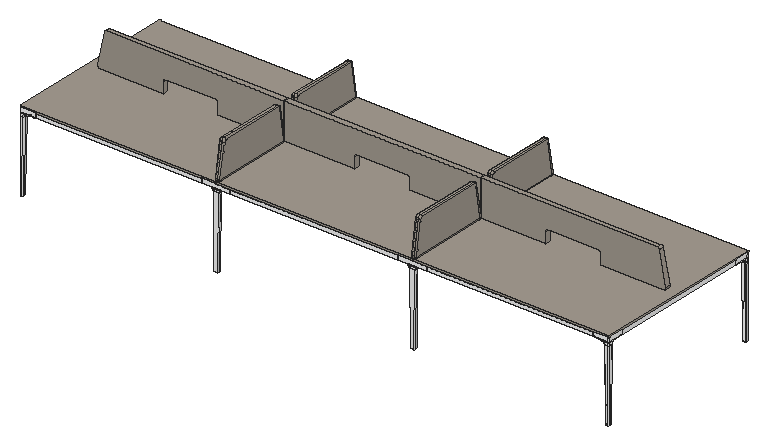
Revit family "BDG_BossDesign_Tbls_ATOM_Desks1", category Furniture, Revit 2016
Family settings
  OmniClass Number = 23.40.20.00
  OmniClass Title = General Furniture and Specialties
  Work Plane-Based = No
  Always vertical = Yes
  Cut with Voids When Loaded = No
  Shared = Yes
  Room Calculation Point = No
Parameters (values of type "5400 x 1600mm 6 Person Desk")
  WorksurfaceArea = 0.00 m²
  WarrantyStartDate [instance] = "1900-12-31T23:59:59"
  WarrantyGuarantorParts = "sales@bossdesign.com"
  WarrantyGuarantorLabor = "sales@bossdesign.com"
  WarrantyDurationUnit = "year"
  WarrantyDurationParts = "5"
  WarrantyDurationLabor = "5"
  WarrantyDescription = "n/a"  # constant formula
  VerticalPartitionLength = 787.846 mm
  ScreenPanelMaterial [instance] = BDG_Generic_Wood_MFC
  OffSetForVertical4Bay = 1780 mm
  OffSetForVertical3Bay = 880 mm
  OffSetForAperture = 300 mm
  OffSetApertureEnds = 150 mm
  OffSet4Partitions = 1320 mm
  NestSet3 = no
  NestSet2 = yes
  NestSet1 = no
  LongitudinalBeam = 5158 mm
  IsVerticalPartition4Bay = no
  IsVerticalPartition3Bay = yes
  IsVerticalPartition = no
  Version = "1"
  Uniclass2015Version = "Products v1.10"
  Uniclass2015Title = "Desks, tables and worktops"
  Uniclass2015Code = "Pr_40_50_21"
  Uniclass2 = "n/a"
  URL = "www.bossdesign.com"
  TopMaterial [instance] = BDG_Generic_Wood_MFC
  TagNumber [instance] = "n/a"
  TableTopEnds = 1800 mm
  TableTop2Bay = 1800 mm
  SustainabilityPerformance = "n/a"
  Style = "n/a"
  Size = "5400 x 1600 x 735mm"
  SingularPartition = 500 mm
  Shape = "Rectangular"
  SerialNumber [instance] = "n/a"
  Revision = "n/a"
  ReplacementCost = "n/a"
  ProductInformation = "www.bossdesign.com/product-list/atom-tables"
  OffsetForUnderFrameEnds = 5400 mm
  OffSetTableTop2Bay = 2700 mm
  OffSetForTableTopEnds = 2700 mm
  OffSetForBeam4Bay = 892.5 mm
  OffSetFor3BayTableTop = 8078.726 mm
  OffSetBetweenBeam4Bay = 770 mm
  OffSetBeam2BayVerticalEnd = 1800 mm
  OffSet4BeamBayEnd = 1800 mm
  OffSet3BayPartition = 900 mm
  OffSet2BayBeam = 2553 mm
  NumberOfChairs = 0
  NominalWidth = 1600 mm
  NominalLength = 5400 mm
  NominalHeight = 735 mm
  Name = "Tables_ATOMTables_Desks_BossDesign"  # constant formula
  NBSTypeID = "n/a"
  NBSReference = "45-35-86/327"
  NBSOfficeMasterTag = "n/a"
  NBSDescription = "Tables"
  ModelReference = "5400 x 1600mm 6 Person Desk"
  ModelNumber = "BOSS_ATBD54X16"
  Model = ModelNumber  # "BOSS_ATBD54X16"
  IsVerticalUnderFrameRightEnd = yes
  IsVerticalUnderFrameLeftEnd = yes
  IsVerticalUnderFrame4Bay = yes
  IsVerticalUnderFrame3Bay = no
  IsUnderFrameBeam3BayCentral = yes
  IsSingularPartition = no
  IsMiddleUnderFrameSingular = no
  Material = "Standard Finishes - MFC, MF MDF, Compact Laminate, \nPremium Finishes - Oak & BAW Veneer, Fenix and Linoleum. "  # constant formula
  ManufacturerURL = "www.bossdesign.com"
  ManufacturerName = "Boss Design"
  Manufacturer = "sales@bossdesign.com"
  MainColor = Color  # "n/a"
  Keynote = Uniclass2015Code  # "Pr_40_50_21"
  IsMiddleUnderFrame4Beam = yes
  IsMiddleUnderFrame3Beam = no
  IsMiddleUnderFrame2Beam = no
  IsMiddleUnderFrame1Beam = yes
  IsDeskTopSingular = yes
  IsDeskTop4 = yes
  IsDeskTop3 = no
  IsDeskTop2BayEnds = no
  IsDeskTop2 = no
  IsDeskTop1 = yes
  IsDeskScreen4 = yes
  IsCentral2BayFor4BayOther = no
  IsCentral2BayFor4Bay = no
  Is4PartitionsBayMiddle2Bays = no
  Is4BayPartitionOther = no
  Is4BayPartition = no
  Is3BayParitionOther = no
  Is2BayPartitionOther = no
  InstallationDate [instance] = "1900-12-31T23:59:59"
  IfcExportType = "TABLE"
  IfcExportAs = "IfcFurnishingElementType"
  Grade = "n/a"
  FrameMaterial [instance] = BDG_Generic_MFC_White
  Finish = "Black RAL 9005 or White RAL 9016 Painted Leg Finish or Polished Aluminium"  # constant formula
  Features = "n/a"
  ExpectedLife = "5"
  DurationUnit = "year"
  DividerLength = 297.782 mm
  DeskTopSingular = 1800 mm
  DeskSubSectionLengthMiddleFor3Bay = 1468.403 mm
  DeskSubSectionLengthEnd = 1800 mm
  DeskSubSection2&3For4Bay = 900 mm
  Description = ModelReference  # "5400 x 1600mm 6 Person Desk"
  ContactTelephoneNumber = "+44 (0) 1384 455570"  # constant formula
  Constituents = "n/a"
  Color = "n/a"
  CodePerformance = "n/a"
  CentralPartitionRectangle = 1800 mm
  IsCentralBayPartition = yes
  Category = "Pr_40_50_21 : Desks, tables and worktops"
  BeamBayEnd = 1523 mm
  Beam4Bay = 1540 mm
  Beam3BayCentralBay = 1540 mm
  BarCode [instance] = "n/a"
  BIMObjectName = "BDG_BossDesign_Tables_ATOMTables_Desks"  # constant formula
  Author = "BIMBox"  # constant formula
  AssetType = "Movable"
  AssetIdentifier [instance] = "n/a"
  Assembly Code = "E2020200"
  OffSetAperture = 300 mm
  AccessibilityPerformance = "n/a"
  4BayPartitionsMiddle2Bays = 1800 mm
  4BayPartitionBetween1&4 = 1000 mm
  3BayPartitionBetween1&3 = 1708 mm
  Is3BayPartition = yes
  Is2BayPartition = no
  2BayHorizontalPartition = 787.846 mm
Reference planes
  plane 1 "Center (Front/Back)": y = 0
  plane 2: z = 0
  plane 3 "Center (Left/Right)": x = 0
  plane 4 "NominalLengthLeft": x = -2700
  plane 5 "NominalLengthRight": x = 2700
  plane 6: y = 800
  plane 7: y = -800
  plane 8: z = 600
  plane 9: z = 723
  plane 10: z = 1077
  plane 11: z = 735
  plane 12: z = 686
  plane 13: x = -20
  plane 14: x = 20
  plane 15: x = -900
  plane 16 "not central": x = 900
  plane 17: x = -2700
  plane 18: x = 2700
  plane 19: x = -880
  plane 20: x = -920
  plane 21: x = 880
  plane 22: x = 920
  plane 23: x = 1030
  plane 24: x = 2553
  plane 25: x = -2555
  plane 26: x = -734.201
  plane 27: x = 734.201
  plane 28: x = 1800
  plane 29: x = -1800
  plane 30: x = -1175.746
  plane 31: x = 2555
  plane 32: y = 655
  plane 33: y = -655
  plane 34: x = -1005
  plane 35: x = -795
  plane 36: x = -105
  plane 37: x = 105
  plane 38: x = 795
  plane 39: x = 1005
  plane 40: x = -2700
  plane 41: x = -2579
  plane 42: x = 2700
  plane 43: x = 2579
  plane 44: y = 680
  plane 45: y = -680
  plane 46: x = -900
  plane 47: x = 900
  plane 48: x = -2700
  plane 49: x = -900
  plane 50: x = 0
  plane 51: x = 2700
  plane 52: x = -1030
  plane 53: x = -2553
  plane 54: x = 900
  plane 55: x = -1800
  plane 56: x = -1679
  plane 57: x = 1800
  plane 58: x = 1679
  plane 59: x = -900
  plane 60: x = 900
  plane 61: x = 770
  plane 62: x = -770
  plane 63: x = -770
  plane 64: x = 770
  plane 65: x = 770
  plane 66: x = -770
  plane 67: y = 153
  plane 68: y = -153
  plane 69: x = -1283.558
  plane 70: x = 2579
  plane 71: x = -2579
  plane 72: y = 105
  plane 73: y = -105
Forms (mm)
  Extrusion 1, solid, material "BDG_Generic_Wood_MFC" <- "TopMaterial", visible <- "IsDeskTop1"
    sketch origin (0, 0, -2559.561) x (1, 0, 0) y (0, 1, 0)
      loop
        arc (-2686, 800) -> (-2695.899, 795.899) -> (-2700, 786) r 14
        line (-2700, 786) -> (-2700, -786)
        arc (-2700, -786) -> (-2695.899, -795.899) -> (-2686, -800) r 14
        line (-2686, -800) -> (-900, -800) -> (-900, 800) -> (-2686, 800)
    from 3282.561 to 3294.561
  Extrusion 2, solid, material "BDG_Generic_Wood_MFC" <- "TopMaterial", visible <- "IsDeskTop4"
    sketch origin (0, 0, -2522.561) x (-1, 0, 0) y (0, -1, 0)
      loop
        line (-2700, -800) -> (-900, -800) -> (-900, 800) -> (-2700, 800) -> (-2700, -800)
    from 3257.561 to 3245.561
  Extrusion 3, solid, material "BDG_Generic_Wood_MFC" <- "TopMaterial", visible <- "IsDeskTop2"
    sketch origin (2799, 4, -2522.561) x (1, 0, 0) y (0, 1, 0)
      loop
        line (-3699, 796) -> (-3699, -804) -> (-2799, -804) -> (-2799, 796) -> (-3699, 796)
    from 3245.561 to 3257.561
  Extrusion 4, solid, material "BDG_Generic_Wood_MFC" <- "TopMaterial", visible <- "IsDeskTop3"
    sketch origin (-2799, 4, -2522.561) x (-1, 0, 0) y (0, -1, 0)
      loop
        line (-3699, -796) -> (-2799, -796) -> (-2799, 804) -> (-3699, 804) -> (-3699, -796)
    from 3257.561 to 3245.561
  Sweep 5, void
    path in 3D
      loop
        line (-900, -800, 735) -> (0, -800, 735)
    profile origin (-450, -800, 735) x (0, 1, 0) y (0, 0, 1)
      loop
        line (0, 0) -> (0, -5)
        arc (0, -5) -> (1.464, -1.464) -> (5, 0) r 5
        line (5, 0) -> (0, 0)
  Sweep 6, void
    path in 3D
      loop
        line (0, 800, 735) -> (-900, 800, 735)
    profile origin (-450, 800, 735) x (0, -1, 0) y (0, 0, 1)
      loop
        line (0, 0) -> (0, -5)
        arc (0, -5) -> (1.464, -1.464) -> (5, 0) r 5
        line (5, 0) -> (0, 0)
  Sweep 7, void
    path in 3D
      loop
        line (900, 800, 735) -> (0, 800, 735)
    profile origin (450, 800, 735) x (0, -1, 0) y (0, 0, 1)
      loop
        line (0, 0) -> (0, -5)
        arc (0, -5) -> (1.464, -1.464) -> (5, 0) r 5
        line (5, 0) -> (0, 0)
  Sweep 8, void
    path in 3D
      loop
        line (0, -800, 735) -> (900, -800, 735)
    profile origin (450, -800, 735) x (0, 1, 0) y (0, 0, 1)
      loop
        line (0, 0) -> (0, -5)
        arc (0, -5) -> (1.464, -1.464) -> (5, 0) r 5
        line (5, 0) -> (0, 0)
  Extrusion 9, solid, material "BDG_Generic_Wood_MFC" <- "TopMaterial", visible <- "IsDeskTopSingular"
    sketch origin (0, 0, -2522.561) x (-1, 0, 0) y (0, -1, 0)
      loop
        line (900, -800) -> (900, 800) -> (-900, 800) -> (-900, -800) -> (900, -800)
    from 3257.561 to 3245.561
  Extrusion 10, solid, material "BDG_Generic_MFC_White" <- "FrameMaterial", visible <- "IsMiddleUnderFrame4Beam"
    sketch origin (1900, 0, 0) x (1, 0, 0) y (0, 1, 0)
      loop
        line (653, 800) -> (-870, 800) -> (-870, 680) -> (653, 680) -> (653, 800)
    from 723 to 686
  Extrusion 11, solid, material "BDG_Generic_MFC_White" <- "FrameMaterial", visible <- "IsVerticalUnderFrameRightEnd"
    sketch origin (1900, 0, 0) x (1, 0, 0) y (0, 1, 0)
      loop
        line (679, 655) -> (679, -655) -> (800, -655) -> (800, 655) -> (679, 655)
    from 723 to 686
  Extrusion 12, solid, material "BDG_Generic_MFC_White" <- "FrameMaterial", visible <- "IsVerticalUnderFrame4Bay"
    sketch origin (-1900, 0, 0) x (-1, 0, 0) y (0, -1, 0)
      loop
        line (-895, -655) -> (-895, 655) -> (-1105, 655) -> (-1105, -655) -> (-895, -655)
    from 723 to 686
  Extrusion 13, solid, material "BDG_Generic_MFC_White" <- "FrameMaterial", visible <- "IsVerticalUnderFrame3Bay"
    sketch origin (-800, 0, 0) x (-1, 0, 0) y (0, -1, 0)
      loop
        line (-695, -655) -> (-695, 655) -> (-905, 655) -> (-905, -655) -> (-695, -655)
    from 723 to 686
  Extrusion 14, solid, material "BDG_Generic_MFC_White" <- "FrameMaterial", visible <- "IsVerticalUnderFrame4Bay"
    sketch origin (-800, 0, 0) x (-1, 0, 0) y (0, -1, 0)
      loop
        line (-1805, -655) -> (-1595, -655) -> (-1595, 655) -> (-1805, 655) -> (-1805, -655)
    from 723 to 686
  Extrusion 15, solid, material "BDG_Generic_MFC_White" <- "FrameMaterial", visible <- "IsVerticalUnderFrameLeftEnd"
    sketch origin (-1900, 0, 0) x (-1, 0, 0) y (0, -1, 0)
      loop
        line (800, -655) -> (800, 655) -> (679, 655) -> (679, -655) -> (800, -655)
    from 723 to 686
  Extrusion 16, solid, material "BDG_Generic_Wood_MFC" <- "TopMaterial", visible <- "IsDeskTop2BayEnds"
    sketch origin (0, 0, -2559.561) x (1, 0, 0) y (0, 1, 0)
      loop
        line (-900, 800) -> (-2700, 800) -> (-2700, -800) -> (-900, -800) -> (-900, 800)
    from 3282.561 to 3294.561
  Extrusion 17, solid, material "BDG_Generic_Wood_MFC" <- "TopMaterial", visible <- "IsDeskTop2BayEnds"
    sketch origin (-1110, 0, -2559.561) x (-1, 0, 0) y (0, -1, 0)
      loop
        line (-2010, -800) -> (-2010, 800) -> (-3810, 800) -> (-3810, -800) -> (-2010, -800)
    from 3282.561 to 3294.561
  Extrusion 18, solid, material "BDG_Generic_MFC_White" <- "FrameMaterial", visible <- "IsMiddleUnderFrame1Beam"
    sketch origin (-1900, 0, 0) x (-1, 0, 0) y (0, -1, 0)
      loop
        line (653, -800) -> (653, -680) -> (-870, -680) -> (-870, -800) -> (653, -800)
    from 723 to 686
  Extrusion 19, solid, material "BDG_Generic_MFC_White" <- "FrameMaterial", visible <- "IsMiddleUnderFrame4Beam"
    sketch origin (-1900, 0, 0) x (-1, 0, 0) y (0, -1, 0)
      loop
        line (653, 800) -> (-870, 800) -> (-870, 680) -> (653, 680) -> (653, 800)
    from 723 to 686
  Extrusion 20, solid, material "BDG_Generic_MFC_White" <- "FrameMaterial", visible <- "IsMiddleUnderFrame4Beam"
    sketch origin (1900, 0, 0) x (1, 0, 0) y (0, 1, 0)
      loop
        line (653, -800) -> (653, -680) -> (-870, -680) -> (-870, -800) -> (653, -800)
    from 723 to 686
  Extrusion 21, solid, material "BDG_Generic_MFC_White" <- "FrameMaterial", visible <- "IsMiddleUnderFrame3Beam"
    sketch origin (1900, 0, 0) x (1, 0, 0) y (0, 1, 0)
      loop
        line (-2670, 800) -> (-2670, 680) -> (-1130, 680) -> (-1130, 800) -> (-2670, 800)
    from 723 to 686
  Extrusion 22, solid, material "BDG_Generic_MFC_White" <- "FrameMaterial", visible <- "IsMiddleUnderFrame2Beam"
    sketch origin (-1900, 0, 0) x (-1, 0, 0) y (0, -1, 0)
      loop
        line (-2670, -800) -> (-1130, -800) -> (-1130, -680) -> (-2670, -680) -> (-2670, -800)
    from 723 to 686
  Extrusion 23, solid, material "BDG_Generic_MFC_White" <- "FrameMaterial", visible <- "IsMiddleUnderFrame2Beam"
    sketch origin (-1900, 0, 0) x (-1, 0, 0) y (0, -1, 0)
      loop
        line (-2670, 800) -> (-2670, 680) -> (-1130, 680) -> (-1130, 800) -> (-2670, 800)
    from 723 to 686
  Extrusion 24, solid, material "BDG_Generic_MFC_White" <- "FrameMaterial", visible <- "IsMiddleUnderFrame3Beam"
    sketch origin (1900, 0, 0) x (1, 0, 0) y (0, 1, 0)
      loop
        line (-2670, -800) -> (-1130, -800) -> (-1130, -680) -> (-2670, -680) -> (-2670, -800)
    from 723 to 686
  Extrusion 25, solid, material "BDG_Generic_MFC_White" <- "FrameMaterial", visible <- "IsUnderFrameBeam3BayCentral"
    sketch origin (-1900, 0, 0) x (-1, 0, 0) y (0, -1, 0)
      loop
        line (-2670, -800) -> (-1130, -800) -> (-1130, -680) -> (-2670, -680) -> (-2670, -800)
    from 723 to 686
  Extrusion 26, solid, material "BDG_Generic_MFC_White" <- "FrameMaterial", visible <- "IsUnderFrameBeam3BayCentral"
    sketch origin (-1900, 0, 0) x (-1, 0, 0) y (0, -1, 0)
      loop
        line (-2670, 800) -> (-2670, 680) -> (-1130, 680) -> (-1130, 800) -> (-2670, 800)
    from 723 to 686
  Extrusion 27, solid, material "BDG_Generic_MFC_White" <- "FrameMaterial"
    sketch origin (0, 0, 0) x (1, 0, 0) y (0, 1, 0)
      loop
        line (-2579, 105) -> (-2579, -105) -> (2579, -105) -> (2579, 105) -> (-2579, 105)
    from 686 to 723
Cuts and joins
  Sweep 5, Sweep 6 cuts Extrusion 3
  Sweep 7, Sweep 8 cuts Extrusion 4
Lines and regions (mm)
  sketch lines
    curve 1: line (-900, -800, 735) -> (0, -800, 735)
    curve 2: line (0, 800, 735) -> (-900, 800, 735)
    curve 3: line (900, 800, 735) -> (0, 800, 735)
    curve 4: line (0, -800, 735) -> (900, -800, 735)
Dimensions and locks
  equal spacing: plane 6, plane 1 "Center (Front/Back)", plane 7
  "NominalWidth": plane 6 to plane 7
  "NominalLength": plane 4 "NominalLengthLeft" to plane 5 "NominalLengthRight"
  equal spacing: plane 4 "NominalLengthLeft", plane 3 "Center (Left/Right)", plane 5 "NominalLengthRight"
  locked: plane 11 to plane 9 at 12
  locked: plane 9 to plane 12 at 37
  locked: plane 10 to plane 11 at 342
  equal spacing: plane 13, plane 3 "Center (Left/Right)", plane 14
  locked: plane 17 to Extrusion 1 sketch curve at 14  (x2)
  locked: plane 7 to Extrusion 1 sketch curve at 14
  locked: plane 6 to Extrusion 1 sketch curve at 14
  plane 13 to plane 14 = 40 mm
  equal spacing: plane 20, plane 15, plane 19
  plane 20 to plane 19 = 40 mm
  equal spacing: plane 21, plane 16 "not central", plane 22
  plane 21 to plane 22 = 40 mm
  "DeskSubSection2&3For4Bay": plane 15 to plane 3 "Center (Left/Right)"
  "DeskSubSection2&3For4Bay": plane 3 "Center (Left/Right)" to plane 16 "not central"
  equal spacing: plane 26, plane 3 "Center (Left/Right)", plane 27
  "DeskSubSectionLengthMiddleFor3Bay": plane 26 to plane 27
  "OffSetBeam2BayVerticalEnd": plane 29 to plane 3 "Center (Left/Right)"
  "OffSetBeam2BayVerticalEnd": plane 3 "Center (Left/Right)" to plane 28
  locked: plane 6 to plane 32 at 145
  locked: plane 7 to plane 33 at 145
  equal spacing: plane 34, plane 15, plane 35, locked at 105 each
  locked: plane 34 to plane 35 at 210
  equal spacing: plane 36, plane 3 "Center (Left/Right)", plane 37
  locked: plane 36 to plane 37 at 210
  equal spacing: plane 38, plane 16 "not central", plane 39
  locked: plane 38 to plane 39 at 210
  locked: plane 40 to plane 41 at 121
  locked: plane 43 to plane 42 at 121
  locked: plane 7 to plane 45 at 120
  locked: plane 6 to plane 44 at 120
  equal spacing: plane 46, plane 3 "Center (Left/Right)", plane 47
  "DeskTopSingular": plane 46 to plane 47
  "TableTop2Bay": plane 48 to plane 49
  equal spacing: plane 40, plane 3 "Center (Left/Right)", plane 42
  "OffsetForUnderFrameEnds": plane 40 to plane 42
  "BeamBayEnd": plane 23 to plane 24
  "OffSet2BayBeam": plane 50 to plane 24
  "BeamBayEnd": plane 52 to plane 53
  "OffSet2BayBeam": plane 53 to plane 50
  "TableTop2Bay": plane 54 to plane 51
  "OffSetTableTop2Bay": plane 48 to plane 50
  "OffSetTableTop2Bay": plane 50 to plane 51
  locked: plane 55 to plane 56 at 121
  "OffSetBeam2BayVerticalEnd": plane 55 to plane 50
  locked: plane 57 to plane 58 at 121
  "OffSetBeam2BayVerticalEnd": plane 50 to plane 57
  "TableTopEnds": plane 17 to plane 59
  "TableTopEnds": plane 60 to plane 18
  "OffSetForTableTopEnds": plane 17 to plane 50
  "OffSetForTableTopEnds": plane 50 to plane 18
  "OffSetBetweenBeam4Bay": plane 50 to plane 61
  "Beam4Bay": plane 62 to plane 61
  "Beam4Bay": plane 63 to plane 64
  "OffSetBetweenBeam4Bay": plane 63 to plane 50
  equal spacing: plane 66, plane 50, plane 65
  "Beam3BayCentralBay": plane 66 to plane 65
  equal spacing: plane 67, plane 1 "Center (Front/Back)", plane 68, locked at 153 each
  locked: plane 67 to plane 68 at 306
  locked: plane 17 to plane 25 at 145
  locked: plane 31 to plane 18 at 145
  equal spacing: plane 73, plane 1 "Center (Front/Back)", plane 72, locked at 105 each
  locked: plane 73 to plane 72 at 210
  equal spacing: plane 71, plane 50, plane 70
  "LongitudinalBeam": plane 71 to plane 70
  aligned and locked: level to plane 2
  aligned and locked: plane 11 to Extrusion 3
  aligned and locked: Extrusion 3 to plane 9
  aligned and locked: plane 11 to Extrusion 4
  aligned and locked: Extrusion 4 to plane 9
  aligned and locked: plane 17 to Extrusion 1 sketch curve
  aligned and locked: Extrusion 1 sketch curve to plane 6
  aligned and locked: Extrusion 1 sketch curve to plane 7
  aligned and locked: Extrusion 3 sketch curve to plane 15
  aligned and locked: Extrusion 3 sketch curve to plane 3 "Center (Left/Right)"
  aligned and locked: Extrusion 3 sketch curve to plane 6
  aligned and locked: Extrusion 3 sketch curve to plane 7
  aligned and locked: Extrusion 4 sketch curve to plane 3 "Center (Left/Right)"
  aligned and locked: plane 7 to Extrusion 4 sketch curve
  aligned and locked: plane 6 to Extrusion 4 sketch curve
  aligned and locked: plane 16 "not central" to Extrusion 4 sketch curve
  aligned and locked: Extrusion 2 sketch curve to plane 18
  aligned and locked: plane 6 to Extrusion 2 sketch curve
  aligned and locked: plane 7 to Extrusion 2 sketch curve
  aligned and locked: Extrusion 4 to plane 3 "Center (Left/Right)"
  aligned and locked: Extrusion 9 sketch curve to plane 6
  aligned and locked: Extrusion 9 sketch curve to plane 7
  aligned and locked: plane 6 to Extrusion 10 sketch curve
  aligned and locked: plane 24 to Extrusion 10 sketch curve
  aligned and locked: plane 32 to Extrusion 11 sketch curve
  aligned and locked: plane 33 to Extrusion 11 sketch curve
  aligned and locked: Extrusion 12 sketch curve to plane 34
  aligned and locked: Extrusion 12 sketch curve to plane 35
  aligned and locked: plane 37 to Extrusion 13 sketch curve
  aligned and locked: plane 36 to Extrusion 13 sketch curve
  aligned and locked: Extrusion 14 sketch curve to plane 39
  aligned and locked: Extrusion 14 sketch curve to plane 38
  aligned and locked: plane 40 to Extrusion 15 sketch curve
  aligned and locked: Extrusion 15 sketch curve to plane 41
  aligned and locked: Extrusion 15 sketch curve to plane 32
  aligned and locked: Extrusion 15 sketch curve to plane 33
  aligned and locked: plane 42 to Extrusion 11 sketch curve
  aligned and locked: Extrusion 11 sketch curve to plane 43
  aligned and locked: Extrusion 10 sketch curve to plane 44
  aligned and locked: Extrusion 9 sketch curve to plane 46
  aligned and locked: Extrusion 9 sketch curve to plane 47
  aligned and locked: Extrusion 16 sketch curve to plane 48
  aligned and locked: plane 51 to Extrusion 17 sketch curve
  aligned and locked: Extrusion 17 sketch curve to plane 6
  aligned and locked: Extrusion 17 sketch curve to plane 7
  aligned and locked: plane 50 to plane 3 "Center (Left/Right)"
  aligned and locked: Extrusion 18 sketch curve to plane 53
  aligned and locked: plane 52 to Extrusion 18 sketch curve
  aligned and locked: Extrusion 18 sketch curve to plane 6
  aligned and locked: plane 44 to Extrusion 18 sketch curve
  aligned and locked: Extrusion 10 sketch curve to plane 23
  aligned and locked: plane 53 to Extrusion 19 sketch curve
  aligned and locked: Extrusion 19 sketch curve to plane 45
  aligned and locked: plane 7 to Extrusion 19 sketch curve
  aligned and locked: Extrusion 19 sketch curve to plane 52
  aligned and locked: plane 45 to Extrusion 20 sketch curve
  aligned and locked: plane 7 to Extrusion 20 sketch curve
  aligned and locked: plane 23 to Extrusion 20 sketch curve
  aligned and locked: Extrusion 20 sketch curve to plane 24
  aligned and locked: Extrusion 16 sketch curve to plane 49
  aligned and locked: plane 54 to Extrusion 17 sketch curve
  aligned and locked: plane 6 to Extrusion 16 sketch curve
  aligned and locked: plane 7 to Extrusion 16 sketch curve
  aligned and locked: plane 59 to Extrusion 1 sketch curve
  aligned and locked: plane 60 to Extrusion 2 sketch curve
  aligned and locked: plane 62 to Extrusion 21 sketch curve
  aligned and locked: Extrusion 21 sketch curve to plane 61
  aligned and locked: Extrusion 21 sketch curve to plane 6
  aligned and locked: plane 44 to Extrusion 21 sketch curve
  aligned and locked: plane 63 to Extrusion 22 sketch curve
  aligned and locked: Extrusion 22 sketch curve to plane 64
  aligned and locked: plane 6 to Extrusion 22 sketch curve
  aligned and locked: Extrusion 22 sketch curve to plane 44
  aligned and locked: Extrusion 23 sketch curve to plane 63
  aligned and locked: plane 64 to Extrusion 23 sketch curve
  aligned and locked: plane 45 to Extrusion 23 sketch curve
  aligned and locked: Extrusion 23 sketch curve to plane 7
  aligned and locked: Extrusion 24 sketch curve to plane 45
  aligned and locked: plane 7 to Extrusion 24 sketch curve
  aligned and locked: Extrusion 24 sketch curve to plane 62
  aligned and locked: plane 61 to Extrusion 24 sketch curve
  aligned and locked: plane 66 to Extrusion 25 sketch curve
  aligned and locked: plane 65 to Extrusion 25 sketch curve
  aligned and locked: plane 6 to Extrusion 25 sketch curve
  aligned and locked: Extrusion 25 sketch curve to plane 44
  aligned and locked: Extrusion 26 sketch curve to plane 66
  aligned and locked: Extrusion 26 sketch curve to plane 65
  aligned and locked: plane 45 to Extrusion 26 sketch curve
  aligned and locked: Extrusion 26 sketch curve to plane 7
  aligned and locked: plane 4 "NominalLengthLeft" to nested 1
  aligned and locked: nested 1 to plane 6
  aligned and locked: nested 2 to plane 4 "NominalLengthLeft"
  aligned and locked: plane 7 to nested 2
  aligned and locked: cut or joined group of Extrusion 3, Sweep 5, Sweep 6 to plane 9
  aligned and locked: plane 9 to Extrusion 19
  aligned and locked: nested 3 to plane 5 "NominalLengthRight"
  aligned and locked: plane 6 to nested 3
  aligned and locked: plane 5 "NominalLengthRight" to nested 4
  aligned and locked: nested 4 to plane 7
  aligned and locked: plane 9 to nested 4  (x2)
  aligned and locked: nested 2 to plane 9
  aligned and locked: plane 50 to nested 5
  aligned and locked: nested 5 to plane 6
  aligned and locked: nested 6 to plane 16 "not central"
  aligned and locked: nested 6 to plane 6
  aligned and locked: plane 15 to nested 7
  aligned and locked: plane 6 to nested 7
  aligned and locked: nested 10 to plane 15
  aligned and locked: nested 8 to plane 50
  aligned and locked: plane 16 "not central" to nested 9
  aligned and locked: plane 32 to Extrusion 14
  aligned and locked: plane 33 to Extrusion 14
  aligned and locked: plane 33 to Extrusion 13
  aligned and locked: plane 32 to Extrusion 13
  aligned and locked: plane 32 to Extrusion 12
  aligned and locked: plane 33 to Extrusion 12
  aligned and locked: plane 11 to Extrusion 17
  aligned and locked: plane 1 "Center (Front/Back)" to nested 13
  aligned and locked: plane 1 "Center (Front/Back)" to nested 12
  aligned and locked: plane 72 to Extrusion 27 sketch curve
  aligned and locked: Extrusion 27 sketch curve to plane 71
  aligned and locked: plane 73 to Extrusion 27 sketch curve
  aligned and locked: Extrusion 27 sketch curve to plane 70
  aligned and locked: plane 9 to Extrusion 27
  aligned and locked: Extrusion 27 to plane 12
Automatic sketch dimensions
  Sweep 5 sketch curve to profile plane = 0 mm  (x2)
  Sweep 5 sketch curve to Sweep 5 sketch curve = 5 mm
  Sweep 6 sketch curve to profile plane = 0 mm  (x2)
  Sweep 6 sketch curve to profile plane = 5 mm
  Sweep 7 sketch curve to profile plane = 0 mm  (x2)
  Sweep 7 sketch curve to profile plane = 5 mm
  Sweep 8 sketch curve to profile plane = 0 mm  (x2)
  Sweep 8 sketch curve to Sweep 8 sketch curve = 5 mm
  plane 33 to Extrusion 12 sketch curve = 0 mm
  Extrusion 12 sketch curve to plane 32 = 0 mm
  plane 33 to Extrusion 13 sketch curve = 0 mm
  Extrusion 13 sketch curve to plane 32 = 0 mm
  plane 33 to Extrusion 14 sketch curve = 0 mm
  Extrusion 14 sketch curve to plane 32 = 0 mm
Nested families
  nested 1: "AtomTablesLegEdge" at (-2700, 800, 0), FrameMaterial <- "FrameMaterial", type "Standard"
    with FrameMaterial BDG_Generic_MFC_White
  nested 2: "AtomTablesLegEdge" at (-2700, -800, 0), FrameMaterial <- "FrameMaterial", type "Standard"
    with FrameMaterial BDG_Generic_MFC_White
  nested 3: "AtomTablesLegEdge" at (2700, 800, 0) x (-1, 0, 0) z (0, 0, 1), FrameMaterial <- "FrameMaterial", type "Standard"
    with FrameMaterial BDG_Generic_MFC_White
  nested 4: "AtomTablesLegEdge" at (2700, -800, 0) x (-1, 0, 0) z (0, 0, 1), FrameMaterial <- "FrameMaterial", type "Standard"
    with FrameMaterial BDG_Generic_MFC_White
  nested 5: "AtomTablesLegMiddleCorners" at (0, 800, 0), FrameMaterial <- "FrameMaterial", visible <- "IsVerticalUnderFrame3Bay", type "Standard"
    with FrameMaterial BDG_Generic_MFC_White
  nested 6: "AtomTablesLegMiddleCorners" at (900, 800, 0), FrameMaterial <- "FrameMaterial", visible <- "IsVerticalUnderFrame4Bay", type "Standard"
    with FrameMaterial BDG_Generic_MFC_White
  nested 7: "AtomTablesLegMiddleCorners" at (-900, 800, 0) x (-1, 0, 0) z (0, 0, 1), visible <- "IsVerticalUnderFrame4Bay", FrameMaterial <- "FrameMaterial", type "Standard"
    with FrameMaterial BDG_Generic_MFC_White
  nested 8: "AtomTablesLegMiddleCorners" at (0, -800, 0), FrameMaterial <- "FrameMaterial", visible <- "IsVerticalUnderFrame3Bay", type "Standard"
    with FrameMaterial BDG_Generic_MFC_White
  nested 9: "AtomTablesLegMiddleCorners" at (900, -800, 0), FrameMaterial <- "FrameMaterial", visible <- "IsVerticalUnderFrame4Bay", type "Standard"
    with FrameMaterial BDG_Generic_MFC_White
  nested 10: "AtomTablesLegMiddleCorners" at (-900, -800, 0) x (-1, 0, 0) z (0, 0, 1), visible <- "IsVerticalUnderFrame4Bay", FrameMaterial <- "FrameMaterial", type "Standard"
    with FrameMaterial BDG_Generic_MFC_White
  nested 11: "AtomTablesPartitionsSet1" at (0, 0, 0), 2BayHorizontalPartition <- "2BayHorizontalPartition", SingularPartition <- "SingularPartition", VerticalPartitionLength <- "VerticalPartitionLength", OffSetApertureEnds <- "OffSetApertureEnds", OffSetforAperture <- "OffSetForAperture", Is2BayPartition <- "Is2BayPartition", IsCentralBayPartition <- "IsCentralBayPartition", IsSingularPartition <- "IsSingularPartition", IsVerticalPartition <- "IsVerticalPartition", Is2BayPartitionOther <- "Is2BayPartitionOther", visible <- "NestSet1", ScreenPanelMaterial <- "ScreenPanelMaterial", type "Standard"
    with WarrantyStartDate "1900-12-31T23:59:59", VerticalPartitionLength 787.846 mm, TagNumber "n/a", SingularPartition 500 mm, SerialNumber "n/a", ScreenPanelMaterial BDG_Generic_Wood_MFC, OffSetforAperture 300 mm, OffSetApertureEnds 150 mm, IsVerticalPartition no, IsSingularPartition no, IsCentralBayPartition yes, Is2BayPartitionOther no, Is2BayPartition no, InstallationDate "1900-12-31T23:59:59", BarCode "n/a", AssetIdentifier "n/a", 2BayHorizontalPartition 787.846 mm
  nested 12: "AtomTablesPartitionsSet2" at (0, 0, 0), 3BayPartitionBetween1&3 <- "3BayPartitionBetween1&3", CentralPartition <- "CentralPartitionRectangle", OffSet3BayPartition <- "OffSet3BayPartition", VerticalPartitionLength <- "VerticalPartitionLength", OffSetforVerticalPartitions3Bay <- "OffSetForVertical3Bay", OffSetforAperture <- "OffSetAperture", Is3BayPartition <- "Is3BayPartition", Is3BayPartitionOther <- "Is3BayParitionOther", IsCentralBayPartition <- "IsCentralBayPartition", IsVerticalPartition <- "IsVerticalPartition", IsVerticalPartition3Bay <- "IsVerticalPartition3Bay", visible <- "NestSet2", ScreenPanelMaterial <- "ScreenPanelMaterial", type "Standard"
    with WarrantyStartDate "1900-12-31T23:59:59", VerticalPartitionLength 787.846 mm, TagNumber "n/a", SerialNumber "n/a", ScreenPanelMaterial BDG_Generic_Wood_MFC, OffSetforVerticalPartitions3Bay 880 mm, OffSetforAperture 300 mm, OffSet3BayPartition 900 mm, IsVerticalPartition3Bay yes, IsVerticalPartition no, IsCentralBayPartition yes, Is3BayPartitionOther no, Is3BayPartition yes, InstallationDate "1900-12-31T23:59:59", CentralPartition 1800 mm, BarCode "n/a", AssetIdentifier "n/a", 3BayPartitionBetween1&3 1708 mm
  nested 13: "AtomTablesPartitionsSet3" at (0, 0, 0), 4BayPartitionBetween1&4 <- "4BayPartitionBetween1&4", 4BayPartitionMiddle2Bays <- "4BayPartitionsMiddle2Bays", CentralPartition <- "CentralPartitionRectangle", OffSet3BayPartition <- "OffSet3BayPartition", OffSetforAperture <- "OffSetAperture", OffSetforVertical4Bay <- "OffSetForVertical4Bay", Is4BayPartition <- "Is4BayPartition", Is4BayPartitionOther <- "Is4BayPartitionOther", IsCentral2BayFor4Bay <- "IsCentral2BayFor4Bay", IsCentral2BayFor4BayOther <- "IsCentral2BayFor4BayOther", IsVerticalPartition <- "IsVerticalPartition", IsVerticalPartition3Bay <- "IsVerticalPartition3Bay", IsVerticalPartition4Bay <- "IsVerticalPartition4Bay", OffSetforVerticalPartitions3Bay <- "OffSetForVertical3Bay", VerticalPartitionLength <- "VerticalPartitionLength", visible <- "NestSet3", ScreenPanelMaterial <- "ScreenPanelMaterial", type "Standard"
    with WarrantyStartDate "1900-12-31T23:59:59", VerticalPartitionLength 787.846 mm, TagNumber "n/a", SerialNumber "n/a", ScreenPanelMaterial BDG_Generic_Wood_MFC, OffSetforVerticalPartitions3Bay 880 mm, OffSetforVertical4Bay 1780 mm, OffSetforAperture 300 mm, OffSet3BayPartition 900 mm, IsVerticalPartition4Bay no, IsVerticalPartition3Bay yes, IsVerticalPartition no, IsCentral2BayFor4BayOther no, IsCentral2BayFor4Bay no, Is4BayPartitionOther no, Is4BayPartition no, InstallationDate "1900-12-31T23:59:59", CentralPartition 1800 mm, BarCode "n/a", AssetIdentifier "n/a", 4BayPartitionMiddle2Bays 1800 mm, 4BayPartitionBetween1&4 1000 mm
Definition of nested family "AtomTablesLegEdge"
  Parameters (values of type "Standard")
    URL = "n/a"
    Model = "n/a"
    Manufacturer = "n/a"
    Keynote = "n/a"
    FrameMaterial [instance] = none
    Description = "n/a"
    Assembly Code = "n/a"
  Reference planes
    plane 1 "Center (Front/Back)": y = 0
    plane 2: z = 0
    plane 3 "Center (Left/Right)": x = 0
    plane 4: z = 735
    plane 5: z = 723
    plane 6: z = 686.389
    plane 7: z = 735
    plane 8: z = 723
  Forms (mm)
    Blend 1, solid, material <- "FrameMaterial"
      base sketch origin (0, 0, 0) x (1, 0, 0) y (0, 1, 0)
        loop
          arc (11.988, 0) -> (3.511, -3.511) -> (0, -11.988) r 11.988
          line (0, -11.988) -> (0, -21.565)
          arc (0, -21.565) -> (0.508, -23.606) -> (1.915, -25.171) r 4.353
          arc (1.915, -25.171) -> (11.033, -29.541) -> (21.027, -31.074) r 34.414
          arc (21.027, -31.074) -> (28.145, -28.145) -> (31.074, -21.027) r 10
          arc (31.074, -21.027) -> (29.563, -11.103) -> (25.253, -2.037) r 34.414
          arc (25.253, -2.037) -> (23.6, -0.541) -> (21.436, 0) r 4.594
          line (21.436, 0) -> (11.988, 0)
      top sketch origin (0, 0, 0) x (1, 0, 0) y (0, 1, 0)
        loop
          line (31.212, 0) -> (12.002, 0)
          arc (12.002, 0) -> (3.515, -3.515) -> (0, -12.002) r 12.002
          line (0, -12.002) -> (0, -31.304)
          arc (0, -31.304) -> (0.397, -32.431) -> (1.412, -33.062) r 1.8
          arc (1.412, -33.062) -> (14.266, -35.391) -> (27.26, -36.737) r 171.763
          arc (27.26, -36.737) -> (33.964, -34.356) -> (36.845, -27.852) r 9
          arc (36.845, -27.852) -> (35.858, -14.263) -> (32.635, -1.025) r 82
          arc (32.635, -1.025) -> (32.089, -0.283) -> (31.212, 0) r 1.5
      from 0 to 655.812
    Blend 2, solid, material <- "FrameMaterial"
      base sketch origin (0, 0, 0) x (1, 0, 0) y (0, 1, 0)
        loop
          arc (12.086, 0) -> (3.54, -3.54) -> (0, -12.086) r 12.086
          line (0, -12.086) -> (0, -56.349)
          arc (0, -56.349) -> (0.765, -59.006) -> (2.825, -60.851) r 5
          arc (2.825, -60.851) -> (22.245, -67.727) -> (42.697, -70.209) r 94.048
          arc (42.697, -70.209) -> (63.616, -61.003) -> (70.477, -39.202) r 27.676
          arc (70.477, -39.202) -> (66.914, -20.782) -> (60.806, -3.044) r 133.551
          arc (60.806, -3.044) -> (58.963, -0.83) -> (56.204, 0) r 5
          line (56.204, 0) -> (12.086, 0)
      top sketch origin (0, 0, 0) x (1, 0, 0) y (0, 1, 0)
        loop
          arc (12.086, 0) -> (3.54, -3.54) -> (0, -12.086) r 12.086
          line (0, -12.086) -> (0, -31.143)
          arc (0, -31.143) -> (0.441, -32.397) -> (1.571, -33.097) r 2
          arc (1.571, -33.097) -> (14.703, -35.453) -> (27.979, -36.782) r 171.763
          arc (27.979, -36.782) -> (34.147, -34.587) -> (36.833, -28.618) r 8.347
          arc (36.833, -28.618) -> (35.944, -14.824) -> (32.751, -1.376) r 82
          arc (32.751, -1.376) -> (32.024, -0.38) -> (30.851, 0) r 2
          line (30.851, 0) -> (12.086, 0)
      from 679.812 to 655.812
    Blend 3, solid, material <- "FrameMaterial"
      base sketch origin (0, 0, 0) x (1, 0, 0) y (0, 1, 0)
        loop
          line (0, -145) -> (118.142, -145)
          arc (118.142, -145) -> (119.503, -144.466) -> (120.136, -143.148) r 2
          arc (120.136, -143.148) -> (127.39, -127.322) -> (143.216, -120.069) r 25
          arc (143.216, -120.069) -> (144.533, -119.435) -> (145.068, -118.074) r 2
          line (145.068, -118.074) -> (145.068, 0) -> (12.086, 0)
          arc (12.086, 0) -> (3.54, -3.54) -> (0, -12.086) r 12.086
          line (0, -12.086) -> (0, -145)
      top sketch origin (0, 0, 0) x (1, 0, 0) y (0, 1, 0)
        loop
          line (56.204, 0) -> (12.086, 0)
          arc (12.086, 0) -> (3.54, -3.54) -> (0, -12.086) r 12.086
          line (0, -12.086) -> (0, -56.349)
          arc (0, -56.349) -> (0.765, -59.006) -> (2.825, -60.851) r 5
          arc (2.825, -60.851) -> (21.988, -67.666) -> (42.169, -70.202) r 94.048
          arc (42.169, -70.202) -> (63.47, -60.912) -> (70.419, -38.735) r 28
          arc (70.419, -38.735) -> (66.853, -20.556) -> (60.806, -3.044) r 133.551
          arc (60.806, -3.044) -> (58.963, -0.83) -> (56.204, 0) r 5
      from 686 to 679.812
    Extrusion 4, solid, material <- "FrameMaterial"
      sketch origin (0, 0, 0) x (1, 0, 0) y (0, 1, 0)
        loop
          line (0, -12.086) -> (0, -145) -> (118.142, -145)
          arc (118.142, -145) -> (119.503, -144.466) -> (120.136, -143.148) r 2
          arc (120.136, -143.148) -> (127.39, -127.322) -> (143.216, -120.069) r 25
          arc (143.216, -120.069) -> (144.533, -119.435) -> (145.068, -118.074) r 2
          line (145.068, -118.074) -> (145.068, 0) -> (12.086, 0)
          arc (12.086, 0) -> (3.54, -3.54) -> (0, -12.086) r 12.086
      from 686 to 723
  Dimensions and locks
    plane 4 to level = 735 mm
    plane 4 to plane 5 = 12 mm
    plane 5 to plane 6 = 36.611 mm
    aligned and locked: level to plane 2
    aligned and locked: Extrusion 4 to plane 8
Definition of nested family "AtomTablesLegMiddleCorners"
  Parameters (values of type "Standard")
    URL = "n/a"
    Model = "n/a"
    Manufacturer = "n/a"
    Keynote = "n/a"
    FrameMaterial [instance] = none
    Description = "n/a"
    Assembly Code = "n/a"
  Reference planes
    plane 1 "Center (Front/Back)": y = 0
    plane 2: z = 0
    plane 3 "Center (Left/Right)": x = 0
    plane 4: z = 735
    plane 5: z = 723
    plane 6: z = 686.389
    plane 7: z = 735
    plane 8: z = 723
    plane 9: x = -40
    plane 10: x = 40
    plane 11: y = -145
  Forms (mm)
    Blend 1, solid, material <- "FrameMaterial"
      base sketch origin (0, 0, 0) x (0.707107, -0.707107, 0) y (0.707107, 0.707107, 0)
        loop
          arc (1.915, -25.171) -> (11.033, -29.541) -> (21.027, -31.074) r 34.414
          arc (21.027, -31.074) -> (28.145, -28.145) -> (31.074, -21.027) r 10
          arc (31.074, -21.027) -> (29.541, -11.033) -> (25.171, -1.915) r 34.414
          arc (25.171, -1.915) -> (19.048, 5.505) -> (11.628, 11.628) r 50.453
          line (11.628, 11.628) -> (-11.628, -11.628)
          arc (-11.628, -11.628) -> (-5.505, -19.048) -> (1.915, -25.171) r 50.453
      top sketch origin (0, 0, 0) x (0.707107, -0.707107, 0) y (0.707107, 0.707107, 0)
        loop
          arc (27.375, -36.744) -> (34.179, -34.179) -> (36.744, -27.375) r 8.819
          arc (36.744, -27.375) -> (35.399, -14.323) -> (33.062, -1.412) r 171.763
          arc (33.062, -1.412) -> (26.976, 9.677) -> (15.873, 15.738) r 22.526
          line (15.873, 15.738) -> (-15.738, -15.873)
          arc (-15.738, -15.873) -> (-9.677, -26.976) -> (1.412, -33.062) r 22.526
          arc (1.412, -33.062) -> (14.323, -35.399) -> (27.375, -36.744) r 171.763
      from 0 to 655.812
    Blend 2, solid, material <- "FrameMaterial"
      base sketch origin (0, 0, 0) x (0.707107, -0.707107, 0) y (0.707107, 0.707107, 0)
        loop
          arc (43.361, -70.214) -> (62.381, -62.381) -> (70.214, -43.361) r 26.747
          arc (70.214, -43.361) -> (67.802, -22.569) -> (60.851, -2.825) r 94.048
          arc (60.851, -2.825) -> (49.519, 13.817) -> (33.831, 26.436) r 68.366
          arc (33.831, 26.436) -> (29.402, 27.338) -> (25.345, 25.345) r 7
          line (25.345, 25.345) -> (-25.36, -25.36)
          arc (-25.36, -25.36) -> (-27.345, -29.399) -> (-26.448, -33.81) r 6.971
          arc (-26.448, -33.81) -> (-13.826, -49.511) -> (2.825, -60.851) r 68.366
          arc (2.825, -60.851) -> (22.569, -67.802) -> (43.361, -70.214) r 94.048
      top sketch origin (0, 0, 0) x (0.707107, -0.707107, 0) y (0.707107, 0.707107, 0)
        loop
          arc (1.571, -33.097) -> (14.424, -35.414) -> (27.417, -36.747) r 171.763
          arc (27.417, -36.747) -> (34.192, -34.192) -> (36.747, -27.417) r 8.784
          arc (36.747, -27.417) -> (35.414, -14.424) -> (33.097, -1.571) r 171.763
          arc (33.097, -1.571) -> (26.965, 9.631) -> (15.763, 15.763) r 22.747
          line (15.763, 15.763) -> (-15.763, -15.763)
          arc (-15.763, -15.763) -> (-9.631, -26.965) -> (1.571, -33.097) r 22.747
      from 679.812 to 655.812
    Extrusion 3, solid, material <- "FrameMaterial"
      sketch origin (0, 0, 0) x (1, 0, 0) y (0, 1, 0)
        loop
          line (130, 0) -> (-130, 0) -> (-130, -118.074)
          arc (-130, -118.074) -> (-129.466, -119.435) -> (-128.148, -120.069) r 2
          arc (-128.148, -120.069) -> (-111.679, -127.99) -> (-105, -145) r 25
          line (-105, -145) -> (105, -145)
          arc (105, -145) -> (111.679, -127.99) -> (128.148, -120.069) r 25
          arc (128.148, -120.069) -> (129.466, -119.435) -> (130, -118.074) r 2
          line (130, -118.074) -> (130, 0)
      from 686 to 723
    Blend 4, solid, material <- "FrameMaterial"
      base sketch origin (0, 0, 0) x (0.707107, -0.707107, 0) y (0.707107, 0.707107, 0)
        loop
          arc (42.697, -70.209) -> (63.616, -61.003) -> (70.477, -39.202) r 27.676
          arc (70.477, -39.202) -> (66.587, -19.58) -> (59.81, -0.76) r 133.551
          arc (59.81, -0.76) -> (48.727, 14.66) -> (33.831, 26.436) r 68.366
          arc (33.831, 26.436) -> (29.402, 27.338) -> (25.345, 25.345) r 7
          line (25.345, 25.345) -> (-25.345, -25.345)
          arc (-25.345, -25.345) -> (-27.338, -29.402) -> (-26.436, -33.831) r 7
          arc (-26.436, -33.831) -> (-13.817, -49.519) -> (2.825, -60.851) r 68.366
          arc (2.825, -60.851) -> (22.245, -67.727) -> (42.697, -70.209) r 94.048
      top sketch origin (0, 0, 0) x (0.707107, -0.707107, 0) y (0.707107, 0.707107, 0)
        loop
          arc (-25.36, -25.36) -> (-27.345, -29.399) -> (-26.448, -33.81) r 6.971
          arc (-26.448, -33.81) -> (-13.826, -49.511) -> (2.825, -60.851) r 68.366
          arc (2.825, -60.851) -> (22.656, -67.822) -> (43.54, -70.215) r 94.048
          arc (43.54, -70.215) -> (62.418, -62.418) -> (70.215, -43.54) r 26.619
          arc (70.215, -43.54) -> (67.822, -22.656) -> (60.851, -2.825) r 94.048
          arc (60.851, -2.825) -> (49.511, 13.826) -> (33.81, 26.448) r 68.366
          arc (33.81, 26.448) -> (29.399, 27.345) -> (25.36, 25.36) r 6.971
          line (25.36, 25.36) -> (-25.36, -25.36)
      from 679.812 to 686
  Dimensions and locks
    plane 4 to level = 735 mm
    plane 4 to plane 5 = 12 mm
    plane 5 to plane 6 = 36.611 mm
    aligned and locked: level to plane 2
    aligned and locked: Extrusion 3 to plane 8
Definition of nested family "AtomTablesPartitionsSet2"
  Parameters (values of type "Standard")
    WorksurfaceArea = 0.00 m²
    WarrantyStartDate [instance] = "1900-12-31T23:59:59"
    WarrantyGuarantorParts = "n/a"
    WarrantyGuarantorLabor = "n/a"
    WarrantyDurationUnit = "year"
    WarrantyDurationParts = "n/a"
    WarrantyDurationLabor = "n/a"
    WarrantyDescription = "n/a"
    ScreenPanelMaterial [instance] = none
    OffSetforVerticalPartitions3Bay [instance] = 980 mm
    OffSetforAperture [instance] = 300 mm
    IsVerticalPartition3Bay [instance] = yes
    IsVerticalPartition [instance] = yes
    VerticalPartitionLength [instance] = 800 mm
    Version = "1"
    Uniclass2015Version = "n/a"
    Uniclass2015Title = "n/a"
    Uniclass2015Code = "n/a"
    Uniclass2 = "n/a"
    TagNumber [instance] = "n/a"
    SustainabilityPerformance = "n/a"
    Style = "n/a"
    Size = "n/a"
    Shape = "n/a"
    SerialNumber [instance] = "n/a"
    Revision = "n/a"
    ReplacementCost = "n/a"
    ProductInformation = "n/a"
    OffSet3BayPartition [instance] = 700 mm
    NumberOfChairs = 0
    NominalWidth = 1000 mm
    NominalLength = 2770.619 mm
    NominalHeight = 0 mm
    Name = "n/a"
    NBSTypeID = "n/a"
    NBSReference = "45-35-86/327"
    NBSOfficeMasterTag = "n/a"
    NBSDescription = "Tables"
    ModelReference = "n/a"
    ModelNumber = "n/a"
    Model = ModelNumber  # "n/a"
    Material = "n/a"
    ManufacturerURL = "n/a"
    ManufacturerName = "n/a"
    MainColor = Color  # "n/a"
    Keynote = Uniclass2015Code  # "n/a"
    Is3BayPartitionOther [instance] = yes
    InstallationDate [instance] = "1900-12-31T23:59:59"
    IfcExportType = "TABLE"
    IfcExportAs = "IfcFurnishingElementType"
    Grade = "n/a"
    Finish = "n/a"
    Features = "n/a"
    ExpectedLife = "n/a"
    DurationUnit = "year"
    Description = ModelReference  # "n/a"
    Constituents = "n/a"
    Color = "n/a"
    CodePerformance = "n/a"
    CentralPartition [instance] = 1800 mm
    IsCentralBayPartition [instance] = yes
    Category = "n/a"
    BarCode [instance] = "n/a"
    BIMObjectName = "n/a"
    Author = "BIMBox"  # constant formula
    AssetType = "Movable"
    AssetIdentifier [instance] = "n/a"
    AccessibilityPerformance = "n/a"
    3BayPartitionBetween1&3 [instance] = 1000 mm
    Is3BayPartition [instance] = yes
  Reference planes
    plane 1 "Center (Front/Back)": y = 0
    plane 2: z = 0
    plane 3 "Center (Left/Right)": x = 0
    plane 4: x = 20
    plane 5: x = -20
    plane 6 "name2": y = 91
    plane 7: y = -91
    plane 8: z = 735
    plane 9: z = 723
    plane 10: z = 1065
    plane 11: z = 1047
    plane 12: y = 0
    plane 13: y = 800
    plane 14: y = 20
    plane 15: y = -20
    plane 16: x = -500
    plane 17: x = 500
    plane 18: y = 0
    plane 19: y = -800
    plane 20: x = -900
    plane 21: x = 900
    plane 22: x = -2000
    plane 23: x = 2000
    plane 24: x = 20
    plane 25: x = -20
    plane 26: y = 0
    plane 27: y = 800
    plane 28: y = 0
    plane 29: y = -800
    plane 30: y = 0
    plane 31: y = 800
    plane 32: x = -980
    plane 33: x = -1020
    plane 34: y = 0
    plane 35: y = 800
    plane 36: x = 980
    plane 37: x = 1020
    plane 38: y = 0
    plane 39: y = -800
    plane 40: y = 0
    plane 41: y = -800
    plane 42: x = -250
    plane 43: x = 250
    plane 44: z = 855
    plane 45: x = -700
    plane 46: x = 700
    plane 47: x = -1945
    plane 48: x = -2008
    plane 49: x = 677.46
    plane 50: z = 855
    plane 51: x = -1404
    plane 52: x = -2545
    plane 53: x = -2608
    plane 54: z = 855
    plane 55: x = -2004
    plane 56: x = -1504
    plane 57: x = -900
    plane 58: x = 2545
    plane 59: x = 2608
    plane 60: z = 855
    plane 61: x = 2004
    plane 62: x = 1504
    plane 63: x = 900
    plane 64: x = -700
    plane 65: x = -1604
    plane 66: x = -1104
    plane 67: x = 1945
    plane 68: x = 2008
    plane 69: x = -677.46
    plane 70: z = 855
    plane 71: x = 1404
    plane 72: x = 700
    plane 73: x = 1604
    plane 74: x = 1104
  Forms (mm)
    Extrusion 1, solid, material <- "ScreenPanelMaterial", visible <- "IsVerticalPartition"
      sketch origin (0, 0, 0) x (0, 1, 0) y (0, 0, 1)
        loop
          line (88.129, 1048.411) -> (37.936, 758.411)
          arc (37.936, 758.411) -> (42.343, 742.12) -> (57.643, 735) r 20
          line (57.643, 735) -> (779.804, 735)
          arc (779.804, 735) -> (795.105, 742.12) -> (799.511, 758.411) r 20
          line (799.511, 758.411) -> (749.319, 1048.411)
          arc (749.319, 1048.411) -> (742.492, 1060.301) -> (729.612, 1065) r 20
          line (729.612, 1065) -> (107.836, 1065)
          arc (107.836, 1065) -> (94.956, 1060.301) -> (88.129, 1048.411) r 20
      from -20 to 20
    Extrusion 2, solid, material <- "ScreenPanelMaterial", visible <- "IsVerticalPartition"
      sketch origin (0, 0, 0) x (0, -1, 0) y (0, 0, -1)
        loop
          arc (88.129, -1048.411) -> (94.956, -1060.301) -> (107.836, -1065) r 20
          line (107.836, -1065) -> (729.612, -1065)
          arc (729.612, -1065) -> (742.492, -1060.301) -> (749.319, -1048.411) r 20
          line (749.319, -1048.411) -> (799.511, -758.411)
          arc (799.511, -758.411) -> (795.105, -742.12) -> (779.804, -735) r 20
          line (779.804, -735) -> (57.643, -735)
          arc (57.643, -735) -> (42.343, -742.12) -> (37.936, -758.411) r 20
          line (37.936, -758.411) -> (88.129, -1048.411)
      from -20 to 20
    Extrusion 3, solid, material <- "ScreenPanelMaterial", visible <- "IsCentralBayPartition"
      sketch origin (0, 0, 0) x (1, 0, 0) y (0, 0, 1)
        loop
          line (-900, 1065) -> (-900, 735) -> (-250, 735) -> (-250, 835)
          arc (-250, 835) -> (-244.142, 849.142) -> (-230, 855) r 20
          line (-230, 855) -> (230, 855)
          arc (230, 855) -> (244.142, 849.142) -> (250, 835) r 20
          line (250, 835) -> (250, 735) -> (900, 735) -> (900, 1065) -> (-900, 1065)
      from -20 to 20
    Sweep 4, void
      path in 3D
        loop
          arc (-20, -37.936, 758.411) -> (-20, -42.343, 742.12) -> (-20, -57.643, 735) r 20
          line (-20, -57.643, 735) -> (-20, -779.804, 735)
          arc (-20, -779.804, 735) -> (-20, -795.105, 742.12) -> (-20, -799.511, 758.411) r 20
          line (-20, -799.511, 758.411) -> (-20, -749.319, 1048.411)
          arc (-20, -749.319, 1048.411) -> (-20, -742.492, 1060.301) -> (-20, -729.612, 1065) r 20
          line (-20, -729.612, 1065) -> (-20, -107.836, 1065)
          arc (-20, -107.836, 1065) -> (-20, -94.956, 1060.301) -> (-20, -88.129, 1048.411) r 20
          line (-20, -88.129, 1048.411) -> (-20, -37.936, 758.411)
      profile origin (-20, -63.033, 903.411) x (0, -0.985351, -0.170541) y (-1, 0, 0)
        loop
          line (0, 0) -> (0, -10)
          arc (0, -10) -> (2.929, -2.929) -> (10, 0) r 10
          line (10, 0) -> (0, 0)
    Sweep 5, void
      path in 3D
        loop
          arc (20, -729.612, 1065) -> (20, -742.492, 1060.301) -> (20, -749.319, 1048.411) r 20
          line (20, -749.319, 1048.411) -> (20, -799.511, 758.411)
          arc (20, -799.511, 758.411) -> (20, -795.105, 742.12) -> (20, -779.804, 735) r 20
          line (20, -779.804, 735) -> (20, -57.643, 735)
          arc (20, -57.643, 735) -> (20, -42.343, 742.12) -> (20, -37.936, 758.411) r 20
          line (20, -37.936, 758.411) -> (20, -88.129, 1048.411)
          arc (20, -88.129, 1048.411) -> (20, -94.956, 1060.301) -> (20, -107.836, 1065) r 20
          line (20, -107.836, 1065) -> (20, -729.612, 1065)
      profile origin (20, -418.724, 1065) x (1, 0, 0) y (0, 0, 1)
        loop
          line (0, 0) -> (-10, 0)
          arc (-10, 0) -> (-2.929, -2.929) -> (0, -10) r 10
          line (0, -10) -> (0, 0)
    Sweep 6, void
      path in 3D
        loop
          line (20, 749.319, 1048.411) -> (20, 799.511, 758.411)
          arc (20, 799.511, 758.411) -> (20, 795.105, 742.12) -> (20, 779.804, 735) r 20
          line (20, 779.804, 735) -> (20, 57.643, 735)
          arc (20, 57.643, 735) -> (20, 42.343, 742.12) -> (20, 37.936, 758.411) r 20
          line (20, 37.936, 758.411) -> (20, 88.129, 1048.411)
          arc (20, 88.129, 1048.411) -> (20, 94.956, 1060.301) -> (20, 107.836, 1065) r 20
          line (20, 107.836, 1065) -> (20, 729.612, 1065)
          arc (20, 729.612, 1065) -> (20, 742.492, 1060.301) -> (20, 749.319, 1048.411) r 20
      profile origin (20, 742.492, 1060.301) x (0, 0.643995, 0.76503) y (1, 0, 0)
        loop
          line (0, 0) -> (-10, 0)
          arc (-10, 0) -> (-2.929, -2.929) -> (0, -10) r 10
          line (0, -10) -> (0, 0)
    Sweep 7, void
      path in 3D
        loop
          line (-20, 88.129, 1048.411) -> (-20, 37.936, 758.411)
          arc (-20, 37.936, 758.411) -> (-20, 42.343, 742.12) -> (-20, 57.643, 735) r 20
          line (-20, 57.643, 735) -> (-20, 779.804, 735)
          arc (-20, 779.804, 735) -> (-20, 795.105, 742.12) -> (-20, 799.511, 758.411) r 20
          line (-20, 799.511, 758.411) -> (-20, 749.319, 1048.411)
          arc (-20, 749.319, 1048.411) -> (-20, 742.492, 1060.301) -> (-20, 729.612, 1065) r 20
          line (-20, 729.612, 1065) -> (-20, 107.836, 1065)
          arc (-20, 107.836, 1065) -> (-20, 94.956, 1060.301) -> (-20, 88.129, 1048.411) r 20
      profile origin (-20, 94.956, 1060.301) x (0, -0.643995, 0.76503) y (-1, 0, 0)
        loop
          line (0, 0) -> (-10, 0)
          arc (-10, 0) -> (-2.929, -2.929) -> (0, -10) r 10
          line (0, -10) -> (0, 0)
    Extrusion 8, solid, material <- "ScreenPanelMaterial", visible <- "IsVerticalPartition"
      sketch origin (0, 0, 0) x (0, 1, 0) y (0, 0, 1)
        loop
          line (88.129, 1048.411) -> (37.936, 758.411)
          arc (37.936, 758.411) -> (42.343, 742.12) -> (57.643, 735) r 20
          line (57.643, 735) -> (779.804, 735)
          arc (779.804, 735) -> (795.105, 742.12) -> (799.511, 758.411) r 20
          line (799.511, 758.411) -> (749.319, 1048.411)
          arc (749.319, 1048.411) -> (742.492, 1060.301) -> (729.612, 1065) r 20
          line (729.612, 1065) -> (107.836, 1065)
          arc (107.836, 1065) -> (94.956, 1060.301) -> (88.129, 1048.411) r 20
      from -20 to 20
    Extrusion 9, solid, material <- "ScreenPanelMaterial", visible <- "IsVerticalPartition"
      sketch origin (0, 0, 0) x (0, -1, 0) y (0, 0, -1)
        loop
          arc (88.129, -1048.411) -> (94.956, -1060.301) -> (107.836, -1065) r 20
          line (107.836, -1065) -> (729.612, -1065)
          arc (729.612, -1065) -> (742.492, -1060.301) -> (749.319, -1048.411) r 20
          line (749.319, -1048.411) -> (799.511, -758.411)
          arc (799.511, -758.411) -> (795.105, -742.12) -> (779.804, -735) r 20
          line (779.804, -735) -> (57.643, -735)
          arc (57.643, -735) -> (42.343, -742.12) -> (37.936, -758.411) r 20
          line (37.936, -758.411) -> (88.129, -1048.411)
      from -20 to 20
    Sweep 10, void
      path in 3D
        loop
          arc (-20, -37.936, 758.411) -> (-20, -42.343, 742.12) -> (-20, -57.643, 735) r 20
          line (-20, -57.643, 735) -> (-20, -779.804, 735)
          arc (-20, -779.804, 735) -> (-20, -795.105, 742.12) -> (-20, -799.511, 758.411) r 20
          line (-20, -799.511, 758.411) -> (-20, -749.319, 1048.411)
          arc (-20, -749.319, 1048.411) -> (-20, -742.492, 1060.301) -> (-20, -729.612, 1065) r 20
          line (-20, -729.612, 1065) -> (-20, -107.836, 1065)
          arc (-20, -107.836, 1065) -> (-20, -94.956, 1060.301) -> (-20, -88.129, 1048.411) r 20
          line (-20, -88.129, 1048.411) -> (-20, -37.936, 758.411)
      profile origin (-20, -63.033, 903.411) x (0, -0.985351, -0.170541) y (-1, 0, 0)
        loop
          line (0, 0) -> (0, -10)
          arc (0, -10) -> (2.929, -2.929) -> (10, 0) r 10
          line (10, 0) -> (0, 0)
    Sweep 11, void
      path in 3D
        loop
          arc (20, -729.612, 1065) -> (20, -742.492, 1060.301) -> (20, -749.319, 1048.411) r 20
          line (20, -749.319, 1048.411) -> (20, -799.511, 758.411)
          arc (20, -799.511, 758.411) -> (20, -795.105, 742.12) -> (20, -779.804, 735) r 20
          line (20, -779.804, 735) -> (20, -57.643, 735)
          arc (20, -57.643, 735) -> (20, -42.343, 742.12) -> (20, -37.936, 758.411) r 20
          line (20, -37.936, 758.411) -> (20, -88.129, 1048.411)
          arc (20, -88.129, 1048.411) -> (20, -94.956, 1060.301) -> (20, -107.836, 1065) r 20
          line (20, -107.836, 1065) -> (20, -729.612, 1065)
      profile origin (20, -418.724, 1065) x (1, 0, 0) y (0, 0, 1)
        loop
          line (0, 0) -> (-10, 0)
          arc (-10, 0) -> (-2.929, -2.929) -> (0, -10) r 10
          line (0, -10) -> (0, 0)
    Sweep 12, void
      path in 3D
        loop
          line (20, 749.319, 1048.411) -> (20, 799.511, 758.411)
          arc (20, 799.511, 758.411) -> (20, 795.105, 742.12) -> (20, 779.804, 735) r 20
          line (20, 779.804, 735) -> (20, 57.643, 735)
          arc (20, 57.643, 735) -> (20, 42.343, 742.12) -> (20, 37.936, 758.411) r 20
          line (20, 37.936, 758.411) -> (20, 88.129, 1048.411)
          arc (20, 88.129, 1048.411) -> (20, 94.956, 1060.301) -> (20, 107.836, 1065) r 20
          line (20, 107.836, 1065) -> (20, 729.612, 1065)
          arc (20, 729.612, 1065) -> (20, 742.492, 1060.301) -> (20, 749.319, 1048.411) r 20
      profile origin (20, 742.492, 1060.301) x (0, 0.643995, 0.76503) y (1, 0, 0)
        loop
          line (0, 0) -> (-10, 0)
          arc (-10, 0) -> (-2.929, -2.929) -> (0, -10) r 10
          line (0, -10) -> (0, 0)
    Sweep 13, void
      path in 3D
        loop
          line (-20, 88.129, 1048.411) -> (-20, 37.936, 758.411)
          arc (-20, 37.936, 758.411) -> (-20, 42.343, 742.12) -> (-20, 57.643, 735) r 20
          line (-20, 57.643, 735) -> (-20, 779.804, 735)
          arc (-20, 779.804, 735) -> (-20, 795.105, 742.12) -> (-20, 799.511, 758.411) r 20
          line (-20, 799.511, 758.411) -> (-20, 749.319, 1048.411)
          arc (-20, 749.319, 1048.411) -> (-20, 742.492, 1060.301) -> (-20, 729.612, 1065) r 20
          line (-20, 729.612, 1065) -> (-20, 107.836, 1065)
          arc (-20, 107.836, 1065) -> (-20, 94.956, 1060.301) -> (-20, 88.129, 1048.411) r 20
      profile origin (-20, 94.956, 1060.301) x (0, -0.643995, 0.76503) y (-1, 0, 0)
        loop
          line (0, 0) -> (-10, 0)
          arc (-10, 0) -> (-2.929, -2.929) -> (0, -10) r 10
          line (0, -10) -> (0, 0)
    Extrusion 14, solid, material <- "ScreenPanelMaterial", visible <- "IsVerticalPartition3Bay"
      sketch origin (-1000, 0, 0) x (0, 1, 0) y (0, 0, -1)
        loop
          arc (88.129, -1048.411) -> (94.956, -1060.301) -> (107.836, -1065) r 20
          line (107.836, -1065) -> (729.612, -1065)
          arc (729.612, -1065) -> (742.492, -1060.301) -> (749.319, -1048.411) r 20
          line (749.319, -1048.411) -> (799.511, -758.411)
          arc (799.511, -758.411) -> (795.105, -742.12) -> (779.804, -735) r 20
          line (779.804, -735) -> (57.643, -735)
          arc (57.643, -735) -> (42.343, -742.12) -> (37.936, -758.411) r 20
          line (37.936, -758.411) -> (88.129, -1048.411)
      from -20 to 20
    Extrusion 15, solid, material <- "ScreenPanelMaterial", visible <- "IsVerticalPartition3Bay"
      sketch origin (1000, 0, 0) x (0, 1, 0) y (0, 0, 1)
        loop
          line (88.129, 1048.411) -> (37.936, 758.411)
          arc (37.936, 758.411) -> (42.343, 742.12) -> (57.643, 735) r 20
          line (57.643, 735) -> (779.804, 735)
          arc (779.804, 735) -> (795.105, 742.12) -> (799.511, 758.411) r 20
          line (799.511, 758.411) -> (749.319, 1048.411)
          arc (749.319, 1048.411) -> (742.492, 1060.301) -> (729.612, 1065) r 20
